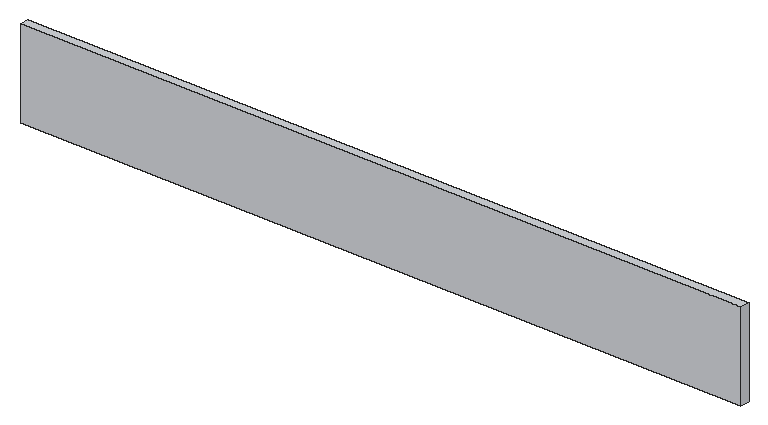
Revit family "StructuralFraming_RectangleProfile", category Structural Framing, Revit 2018
Family settings
  Structural Framing Length Roundoff = 1 mm
  Section Shape = Rectangle
  Material for Model Behavior = Steel
  Always export as geometry = No
  Always vertical = Yes
  Cut with Voids When Loaded = No
  Symbolic Representation = From Project Settings
  Shared = No
  Show family pre-cut in plan views = Yes
Parameters (values of type "RectangleProfile")
  Width = 15 mm
  Warping Constant = (empty or 0)
  Torsional Moment of Inertia = 0 cm⁴
  Torsional Modulus = 0 cm³
  Structural Material [instance] = none
  Shear Area weak axis = 0.0 cm²
  Shear Area strong axis = 0.0 cm²
  Section Area = 0.0 cm²
  Principal Axes Angle = 0.00°
  Plastic Modulus weak axis = 0 cm³
  Plastic Modulus strong axis = 0 cm³
  Perimeter = (empty or 0)
  Nominal Weight = 0 N/m
  Moment of Inertia weak axis = 0 cm⁴
  Moment of Inertia strong axis = 0 cm⁴
  Length [instance] = 1500 mm
  Keynote = "G10"
  Height = 150 mm
  Elastic Modulus weak axis = 0 cm³
  Elastic Modulus strong axis = 0 cm³
  Centroid Vertical = 0 mm
  Centroid Horizontal = 0 mm
Reference planes
  plane 1 "Center (Front/Back)": y = 0
  plane 2: z = 0
  plane 3 "Center (Left/Right)": x = 4.61
  plane 4 "Member Left": x = -604.99
  plane 5 "Member Right": x = 614.21
  plane 6: y = 7.5
  plane 7: y = -7.5
  plane 8 "Top": z = 75
  plane 9: z = -75
  plane 10 "Left": x = -757.39
  plane 11 "Right": x = 742.61
Forms (mm)
  Sweep 1, solid, material <- "Structural Material", detail levels medium+fine
    path origin (0, 0, 0) x (1, 0, 0) y (0, 1, 0)
      loop
        line (614.21, 0) -> (-604.99, 0)
    profile "RectangleProfile : RectangleProfile" origin (4.61, 0, 0) x (0, -1, 0) y (0, 0, 1)
      loop
        line (-7.5, -75) -> (7.5, -75) -> (7.5, 75) -> (-7.5, 75) -> (-7.5, -75)
Lines and regions (mm)
  symbolic lines, style "Stick Symbols", detail levels coarse
    curve 1: line (4.61, 7.5, 75) -> (4.61, -7.5, 75)
    curve 2: line (4.61, 7.5, -75) -> (4.61, 7.5, 75)
    curve 3: line (4.61, -7.5, -75) -> (4.61, 7.5, -75)
    curve 4: line (4.61, -7.5, 75) -> (4.61, -7.5, -75)
Dimensions and locks
  "Width": plane 6 to plane 7
  "Height": plane 9 to plane 8 "Top"
  equal spacing: plane 9, plane 2, plane 8 "Top"
  equal spacing: plane 6, plane 1 "Center (Front/Back)", plane 7
  "Length": plane 10 "Left" to plane 11 "Right"
  aligned and locked: Sweep 1 sketch curve to plane 1 "Center (Front/Back)"
  aligned and locked: plane 4 "Member Left" to Sweep 1 sketch curve
  aligned and locked: plane 5 "Member Right" to Sweep 1 sketch curve
  aligned and locked: curve 4 to plane 7
  aligned and locked: curve 1 to plane 8 "Top"
  aligned and locked: plane 6 to curve 2
  aligned and locked: plane 9 to curve 3
